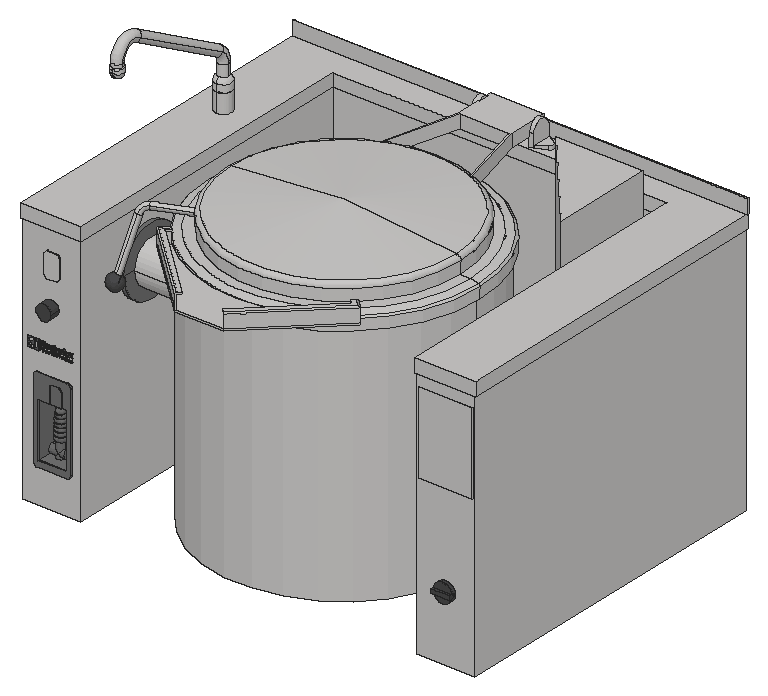
Revit family "QF_ELECTROLUXPROFESSIONAL_586942_PBOT10GLCS", category Specialty Equipment, Revit 2018
Family settings
  Round Connector Dimension = Use Radius
  Part Type = Normal
  Work Plane-Based = No
  Always vertical = Yes
  Cut with Voids When Loaded = No
  Shared = Yes
  Room Calculation Point = No
Parameters (values of type "Standard")
  Weight = 230.00 kg
  Watts = 0 W
  Volts = 230 V
  URL Manufacturer = "http://professional.electrolux.com"
  URL = "http://professional.electrolux.com"
  Tilt Clearance [instance] = 1124 mm
  Steam Supply Size = 0"
  Steam Supply Minimum Pressure = 0.00 psi
  Steam Supply Maximum Pressure = 0.00 psi
  Steam Pounds per Hour = 0
  Show Logo [instance] = yes
  Refrigeration Suction Line Size = 0"
  Refrigeration Liquid Line Size = 0"
  Refrigerant Compressor Remote = yes
  Plinth Base Finish [instance] = QF_Finishes_Concrete
  Plinth Base [instance] = not(Base Height = 500 mm)  # yes
  Phase = 1
  Length Actual = 1200 mm  # constant formula
  Item Number = "586942"
  Hot Water Size = 1/2"
  Height Actual = 700 mm  # constant formula
  HP = "0.3 HP"
  Gas Size = 1"
  Gas KW = 21
  Gas Input Pressure = 0.760796 Btu/h
  Direct Waste Size = 0"
  Depth Actual = 900 mm  # constant formula
  Cycle = 50 Hz
  Condensate Return Size = 0"
  Compressed Air Volume = 0 GPM
  Compressed Air Size = 0"
  Compressed Air Pressure = 0.00 psi
  Cold Water Size = 1/2"
  Assembly Code = ""
  Open Clearance [instance] = 856 mm  # constant formula
  Model = "PBOT10GLCS"
  Manufacturer = "Electrolux Professional"
  Description = "GAS BOILING PAN,TILTING,AUTO H/C WATER FILL INLET,SPRAY GUN, 100L,H700,BS,FS,D900,REAR CLS KIT,GUID.COOK.S"
  Bracket [instance] = Base Height = 500 mm  # no
  Body Finish [instance] = QF_Finishes_Stainless Steel
  Base Height = 200 mm
  Show Clearance [instance] = yes
  Accessory = yes
Reference planes
  plane 1 "BACK": y = 100
  plane 2: z = 0
  plane 3 "LEFT": x = 0
  plane 4 "RIGHT": x = 1200
  plane 5 "FRONT": y = -800
  plane 6 "TOP": z = 900
  plane 7: z = 200
  plane 8 "Center": x = 600
  plane 9: z = 1756
  plane 10: y = -960
  plane 11 "Vessel X axis": y = -483
  plane 12: x = 280
  plane 13: y = -580
  plane 14: x = 280
  plane 15: through (0, 114.006, 947.95) normal (0, 0.281, -0.9597)
  plane 16: z = 505
  plane 17 "Top Level": z = 981
  plane 18: y = -1024
  plane 19: z = 981.311
  plane 20: z = 227.005
Forms (mm)
  Extrusion 1, solid, material "QF_Finishes_Stainless Steel" <- "Body Finish"
    sketch origin (0, 0, 900) x (-1, 0, 0) y (0, -1, 0)
      loop
        line (0, -100) -> (0, 800) -> (-160, 800) -> (-160, -31.55) -> (-1040, -31.55) -> (-1040, 800) -> (-1200, 800) -> (-1200, -100) -> (0, -100)
    from -35 to 0
  Extrusion 2, solid, material "QF_Finishes_Stainless Steel" <- "Body Finish"
    sketch origin (0, 0, 900) x (-1, 0, 0) y (0, -1, 0)
      loop
        line (-535, 960) -> (-665, 960) -> (-868.236, 765.434) -> (-847.007, 744.205)
        arc (-847.007, 744.205) -> (-600, 842.5) -> (-352.993, 744.205) r 359.5
        line (-352.993, 744.205) -> (-331.764, 765.434) -> (-535, 960)
    from 1.223 to 5.898
  Revolve 3, solid, material "QF_Finishes_Stainless Steel" <- "Body Finish"
    sketch origin (0, 50.89, 727.5) x (-1, 0, 0) y (0, -1, 0)
      loop
        line (-170, 573.89) -> (-170, 540.89) -> (-157, 540.89) -> (-157, 630.89) -> (-1043, 630.89) -> (-1043, 540.89) -> (-1030, 540.89) -> (-1030, 573.89) -> (-170, 573.89)
      axis (-1043, 630.89) -> (-157, 630.89)
    angle from 0 to 360
  Extrusion 4, solid, material "QF_Finishes_Stainless Steel" <- "Body Finish"
    sketch origin (0, 100, 0) x (1, 0, 0) y (0, 0, 1)
      loop
        circle (1120, 450) r 10
    from 3 to 0
  Extrusion 5, solid, material "QF_Finishes_Stainless Steel" <- "Body Finish"
    sketch origin (600, 0, 0) x (0, 1, 0) y (0, 0, 1)
      loop
        line (89, 900) -> (89, 935.1)
        arc (89, 935.1) -> (65, 959.1) -> (41, 935.1) r 24
        line (41, 935.1) -> (41, 900) -> (89, 900)
    from 69.2 to 82.1
  Revolve 6, solid, material "QF_Finishes_Stainless Steel" <- "Body Finish"
    sketch origin (0, -483, 0) x (-1, 0, 0) y (0, 0, 1)
      loop
        line (-600, 981) -> (-600, 912.336) -> (-291.999, 912.336) -> (-291.999, 943.013)
        arc (-291.999, 943.013) -> (-295.325, 951.663) -> (-303.589, 955.857) r 12.912
        arc (-303.589, 955.857) -> (-451.457, 972.404) -> (-600, 981) r 2774.321
      axis (-600, 981) -> (-600, 912.336)
    angle from 0 to 360
  Sweep 7, solid, material "QF_Finishes_Stainless Steel" <- "Body Finish"
    path in 3D
      loop
        line (665, -960, 905.898) -> (868.236, -765.434, 905.898) -> (847.007, -744.205, 905.898)
    profile origin (766.618, -862.717, 905.898) x (-0.691532, 0.722346, 0) y (0, 0, 1)
      loop
        line (0, 0) -> (2.5, 0) -> (2.5, 35.781)
        arc (2.5, 35.781) -> (3.003, 36.997) -> (4.219, 37.5) r 1.719
        line (4.219, 37.5) -> (15.312, 37.5) -> (15.312, 40) -> (4.052, 40)
        arc (4.052, 40) -> (1.187, 38.813) -> (0, 35.948) r 4.052
        line (0, 35.948) -> (0, 0)
  Extrusion 8, solid, material "QF_Finishes_Stainless Steel" <- "Body Finish"
    sketch origin (0, 100, 0) x (1, 0, 0) y (0, 0, 1)
      loop
        line (157, 865) -> (157, 500) -> (1043, 500) -> (1043, 865) -> (157, 865)
    from 3 to 65.418
  Extrusion 9, solid, material "QF_Finishes_Stainless Steel" <- "Body Finish"
    sketch origin (600, 0, 0) x (0, 1, 0) y (0, 0, 1)
      loop
        line (89, 900) -> (89, 935.1)
        arc (89, 935.1) -> (65, 959.1) -> (41, 935.1) r 24
        line (41, 935.1) -> (41, 900) -> (89, 900)
    from -82.1 to -69.2
  Extrusion 10, solid, material "QF_Finishes_Stainless Steel" <- "Body Finish"
    sketch origin (600, -4572, 981) x (0, -1, 0) y (-1, 0, 0)
      loop
        line (-4551, 64.871) -> (-4315.558, 127.227) -> (-4309.255, 132.754) -> (-4555.565, 69.2) -> (-4661, 69.2) -> (-4661, -69.2) -> (-4555.565, -69.2) -> (-4309.255, -132.754) -> (-4315.558, -127.227) -> (-4551, -64.871) -> (-4551, 64.871)
    from 25.143 to 59.002
  Sweep 11, solid, material "QF_Finishes_Stainless Steel" <- "Body Finish"
    path in 3D
      loop
        line (352.993, -744.205, 905.898) -> (331.764, -765.434, 905.898) -> (535, -960, 905.898)
    profile origin (433.382, -862.717, 905.898) x (0.691532, 0.722346, 0) y (0, 0, 1)
      loop
        line (0, 0) -> (2.5, 0) -> (2.5, 35.781)
        arc (2.5, 35.781) -> (3.003, 36.997) -> (4.219, 37.5) r 1.719
        line (4.219, 37.5) -> (15.312, 37.5) -> (15.312, 40) -> (4.052, 40)
        arc (4.052, 40) -> (1.187, 38.813) -> (0, 35.948) r 4.052
        line (0, 35.948) -> (0, 0)
  Extrusion 12, solid, material "QF_Finishes_Stainless Steel" <- "Body Finish"
    sketch origin (0, 0, 900) x (-1, 0, 0) y (0, -1, 0)
      loop
        arc (-708.472, -55.346) -> (-714.2, -65) -> (-708.472, -74.654) r 11
        line (-708.472, -74.654) -> (-682.1, -89.055) -> (-682.1, -40.945) -> (-708.472, -55.346)
      loop
        line (-491.528, -55.346) -> (-517.9, -40.945) -> (-517.9, -89.055) -> (-491.528, -74.654)
        arc (-491.528, -74.654) -> (-485.8, -65) -> (-491.528, -55.346) r 11
    from 0 to 8
  Revolve 13, solid, material "QF_Finishes_Stainless Steel" <- "Body Finish"
    sketch origin (0, -483, 0) x (-1, 0, 0) y (0, 0, 1)
      loop
        line (-600, 910.898) -> (-600, 227.005) -> (-250.45, 227.005) -> (-250.45, 870.866) -> (-240.5, 870.866) -> (-240.5, 899.23) -> (-244.882, 905.093) -> (-265.728, 910.898) -> (-600, 910.898)
      axis (-600, 910.898) -> (-600, 227.005)
    angle from 0 to 360
  Extrusion 14, solid, material "QF_Finishes_Stainless Steel" <- "Body Finish"
    sketch origin (1100, -797, 0) x (-1, 0, 0) y (0, 0, -1)
      loop
        line (50, -833.989) -> (50, -618.989) -> (-91.535, -618.989) -> (-91.535, -833.989) -> (50, -833.989)
      loop
        line (1029.661, -812.084) -> (1036.975, -804.77) -> (1036.975, -754.399) -> (1029.661, -747.084) -> (1004.29, -747.084) -> (996.975, -754.399) -> (996.975, -804.77) -> (1004.29, -812.084) -> (1029.661, -812.084)
    from 0 to 3
  Extrusion 15, solid, material "QF_Finishes_Black"
    sketch origin (1200, -797, -30) x (-1, 0, 0) y (0, 0, -1)
      loop
        circle (80.286, -405.28) r 25
    from 0 to 10.306
  Extrusion 16, solid, material "QF_Finishes_Black"
    sketch origin (1200, -797, -30) x (-1, 0, 0) y (0, 0, -1)
      loop
        arc (104.667, -410.806) -> (105.286, -405.28) -> (104.667, -399.753) r 25
        line (104.667, -399.753) -> (55.904, -399.753)
        arc (55.904, -399.753) -> (55.286, -405.28) -> (55.904, -410.806) r 25
        line (55.904, -410.806) -> (104.667, -410.806)
    from 0 to 18.276
  Extrusion 17, solid, material "QF_Finishes_Black"
    sketch origin (160, -797, 0) x (-1, 0, 0) y (0, 0, -1)
      loop
        circle (80.781, -678.5) r 20
    from 0 to 25
  Extrusion 18, solid, material "QF_Finishes_Stainless Steel" <- "Body Finish", visible <- "Bracket"
    sketch origin (0, 37, -14) x (0, 1, 0) y (0, 0, 1)
      loop
        line (60, 514) -> (-140, 514) -> (-140, 400) -> (-76.36, 336.36) -> (60, 336.36) -> (60, 514)
    from 25.741 to 134.773
  Extrusion 19, solid, material "QF_Finishes_Stainless Steel" <- "Body Finish", visible <- "Bracket"
    sketch origin (1200, 0, 0) x (0, 1, 0) y (0, 0, 1)
      loop
        line (97, 322.36) -> (97, 500) -> (-103, 500) -> (-103, 386) -> (-39.36, 322.36) -> (97, 322.36)
    from -133.886 to -23.363
  Extrusion 20, solid, material "QF_Finishes_Stainless Steel" <- "Body Finish"
    sketch origin (0, 100, 0) x (1, 0, 0) y (0, 0, 1)
      loop
        circle (50, 395) r 6.35
      loop
        circle (110.571, 395) r 6.35
      loop
        circle (80.257, 345) r 12.7
    from 3 to 0
  Revolve 21, solid, material "QF_Finishes_Clearance", visible <- "Show Clearance", detail levels coarse
    sketch origin (600, 10.879, 0.726) x (0, 0.999996, 0.002845) y (0, -0.002845, 0.999996)
      loop
        line (-104.3, 1490.183) -> (-181.256, 1755.797) -> (-205.268, 1748.84) -> (-128.312, 1483.226) -> (-104.3, 1490.183)
      axis (-104.3, 1490.183) -> (-128.312, 1483.226)
    angle from 0 to 360
  Extrusion 22, solid, material "QF_Finishes_Stainless Steel" <- "Body Finish"
    sketch origin (0, -602.697, 0) x (1, 0, 0) y (0, 1, 0)
      loop
        line (1016.007, 584.463) -> (786.007, 584.463) -> (1016.007, 314.463) -> (1016.007, 584.463)
    from 378.064 to 989.164
  Extrusion 23, solid, material "QF_Finishes_Stainless Steel" <- "Body Finish"
    sketch origin (-69.539, -630.792, 0) x (1, 0, 0) y (0, 1, 0)
      loop
        line (1059.01, 373.71) -> (884.088, 579.053) -> (767.131, 467.501)
        arc (767.131, 467.501) -> (888.172, 400.65) -> (971.802, 290.532) r 334.272
        line (971.802, 290.532) -> (1059.01, 373.71)
    from 383.064 to 403.064
  Extrusion 24, solid, material "QF_Finishes_Stainless Steel" <- "Body Finish"
    sketch origin (0, 0, 0) x (1, 0, 0) y (0, 1, 0)
      loop
        line (157, 97) -> (3, 97) -> (3, -797) -> (157, -797) -> (157, 97)
      loop
        line (1197, 97) -> (1043, 97) -> (1043, -797) -> (1197, -797) -> (1197, 97)
    from 200 to 865
  Extrusion 25, solid, material "Navy Blue", visible <- "Show Logo"
    sketch origin (160, -797, 0) x (-1, 0, 0) y (0, 0, -1)
      loop
        line (101.332, -593.18) -> (109.793, -593.18) -> (109.793, -583.327)
        arc (109.793, -583.327) -> (108.679, -580.639) -> (105.991, -579.525) r 3.802
        line (105.991, -579.525) -> (101.168, -579.525) -> (101.168, -581.736) -> (105.441, -581.736)
        arc (105.441, -581.736) -> (106.845, -582.21) -> (107.442, -583.566) r 1.838
        line (107.442, -583.566) -> (107.442, -585.52) -> (101.698, -585.52) -> (101.698, -587.738) -> (107.442, -587.738) -> (107.442, -590.968) -> (101.332, -590.968) -> (101.332, -593.18)
      loop
        line (99.498, -593.18) -> (99.498, -579.525) -> (97.146, -579.525) -> (97.146, -593.18) -> (99.498, -593.18)
      loop
        line (48.417, -593.18) -> (48.417, -579.525) -> (46.064, -579.525) -> (46.064, -593.18) -> (48.417, -593.18)
      loop
        line (93.257, -583.886) -> (85.539, -583.886)
        arc (85.539, -583.886) -> (86.746, -588.126) -> (90.874, -589.672) r 4.89
        arc (90.874, -589.672) -> (94.51, -587.828) -> (95.548, -583.886) r 4.976
        arc (95.548, -583.886) -> (94.182, -580.589) -> (90.886, -579.224) r 4.662
        arc (90.886, -579.224) -> (88.32, -579.602) -> (86.169, -581.05) r 5.86
        line (86.169, -581.05) -> (87.562, -582.444)
        arc (87.562, -582.444) -> (89.391, -581.347) -> (91.516, -581.531) r 3.458
        arc (91.516, -581.531) -> (92.812, -582.394) -> (93.257, -583.886) r 2.29
      loop
        line (93.198, -585.539) -> (87.902, -585.539)
        arc (87.902, -585.539) -> (88.645, -587.103) -> (90.278, -587.679) r 2.256
        arc (90.278, -587.679) -> (92.162, -587.188) -> (93.198, -585.539) r 2.64
      loop
        line (76.371, -586.524) -> (74.894, -588)
        arc (74.894, -588) -> (76.746, -589.341) -> (78.997, -589.742) r 5.117
        arc (78.997, -589.742) -> (82.429, -588.487) -> (84.231, -585.308) r 5.293
        arc (84.231, -585.308) -> (81.194, -579.733) -> (74.977, -581.018) r 5.33
        line (74.977, -581.018) -> (76.446, -582.487)
        arc (76.446, -582.487) -> (79.616, -581.438) -> (81.887, -583.886) r 3.088
        arc (81.887, -583.886) -> (81.729, -585.821) -> (80.396, -587.234) r 2.933
        arc (80.396, -587.234) -> (78.264, -587.559) -> (76.371, -586.524) r 3.369
      loop
        line (73.45, -593.18) -> (73.45, -583.849)
        arc (73.45, -583.849) -> (73.246, -582.449) -> (72.722, -581.135) r 6.031
        arc (72.722, -581.135) -> (71.044, -579.8) -> (68.918, -579.519) r 4.018
        line (68.918, -579.519) -> (68.918, -581.723)
        arc (68.918, -581.723) -> (69.55, -581.771) -> (70.139, -582.005) r 2.118
        arc (70.139, -582.005) -> (70.895, -582.804) -> (71.098, -583.886) r 1.949
        line (71.098, -583.886) -> (71.098, -587.265) -> (68.962, -587.265) -> (68.962, -589.401) -> (71.098, -589.401) -> (71.098, -593.18) -> (73.45, -593.18)
      loop
        arc (64.65, -584.717) -> (64.482, -585.701) -> (63.997, -586.574) r 2.967
        arc (63.997, -586.574) -> (62.588, -587.297) -> (61.004, -587.265) r 3.231
        line (61.004, -587.265) -> (61.004, -589.525)
        arc (61.004, -589.525) -> (63.073, -589.33) -> (64.65, -587.977) r 3.432
        line (64.65, -587.977) -> (64.65, -589.401) -> (66.983, -589.401) -> (66.983, -579.525) -> (64.65, -579.525) -> (64.65, -584.717)
      loop
        circle (55.254, -584.461) r 5.233
      loop
        circle (55.254, -584.461) r 3.172
      loop
        arc (37.582, -583.638) -> (38.162, -582.041) -> (39.738, -581.405) r 2.088
        arc (39.738, -581.405) -> (41.313, -582.041) -> (41.894, -583.638) r 2.088
        line (41.894, -583.638) -> (41.894, -589.401) -> (44.266, -589.401) -> (44.266, -583.442)
        arc (44.266, -583.442) -> (42.916, -580.365) -> (39.738, -579.275) r 4.181
        arc (39.738, -579.275) -> (36.524, -580.398) -> (35.211, -583.539) r 4.181
        line (35.211, -583.539) -> (35.211, -589.401) -> (37.582, -589.401) -> (37.582, -583.638)
      loop
        line (33.789, -589.401) -> (30.374, -584.764) -> (34.126, -579.522) -> (31.598, -579.522) -> (29.107, -583.001) -> (26.58, -579.522) -> (24.068, -579.522) -> (27.767, -584.817) -> (24.385, -589.401) -> (26.952, -589.401) -> (29.115, -586.469) -> (31.245, -589.401) -> (33.789, -589.401)
      loop
        line (108.47, -573.865) -> (110.346, -573.865) -> (110.346, -569.143) -> (109.319, -569.143) -> (109.319, -570.769) -> (108.185, -570.769)
        arc (108.185, -570.769) -> (106.916, -572.447) -> (108.47, -573.865) r 1.561
      loop
        arc (108.23, -571.697) -> (107.841, -572.304) -> (108.23, -572.911) r 0.668
        line (108.23, -572.911) -> (109.319, -572.911) -> (109.319, -571.697) -> (108.23, -571.697)
      loop
        line (101.061, -573.865) -> (102.968, -573.865) -> (102.968, -569.143) -> (101.942, -569.143) -> (101.942, -570.769) -> (100.949, -570.769) -> (100.27, -569.143) -> (99.168, -569.143) -> (100.097, -571.134)
        arc (100.097, -571.134) -> (99.652, -571.665) -> (99.502, -572.343) r 1.458
        arc (99.502, -572.343) -> (99.971, -573.421) -> (101.061, -573.865) r 1.559
      loop
        line (101.942, -572.911) -> (101.942, -571.697) -> (100.852, -571.697)
        arc (100.852, -571.697) -> (100.464, -572.304) -> (100.852, -572.911) r 0.668
        line (100.852, -572.911) -> (101.942, -572.911)
      loop
        circle (93.139, -571.504) r 2.453
      loop
        circle (93.139, -571.504) r 1.557
      loop
        line (86.655, -573.865) -> (86.655, -569.143) -> (85.654, -569.143) -> (85.654, -570.793) -> (83.876, -570.793) -> (83.876, -571.851) -> (85.654, -571.851) -> (85.654, -572.847) -> (83.706, -572.847) -> (83.706, -573.865) -> (86.655, -573.865)
      loop
        line (79.724, -573.865) -> (79.724, -570.677)
        arc (79.724, -570.677) -> (79.288, -569.596) -> (78.213, -569.146) r 1.51
        line (78.213, -569.146) -> (76.689, -569.146) -> (76.689, -570.038) -> (78.122, -570.038)
        arc (78.122, -570.038) -> (78.65, -570.475) -> (78.753, -571.151) r 0.961
        line (78.753, -571.151) -> (76.866, -571.151) -> (76.866, -572.043) -> (78.753, -572.043) -> (78.753, -572.973) -> (76.735, -572.973) -> (76.735, -573.865) -> (79.724, -573.865)
      loop
        arc (62.624, -573.267) -> (63.249, -573.78) -> (64.041, -573.943) r 1.69
        arc (64.041, -573.943) -> (64.773, -573.764) -> (65.374, -573.31) r 1.872
        arc (65.374, -573.31) -> (65.486, -572.238) -> (64.794, -571.411) r 1.385
        arc (64.794, -571.411) -> (64.212, -571.217) -> (63.66, -570.95) r 4.78
        arc (63.66, -570.95) -> (63.312, -570.539) -> (63.552, -570.057) r 0.489
        arc (63.552, -570.057) -> (63.998, -569.952) -> (64.442, -570.065) r 0.963
        arc (64.442, -570.065) -> (64.826, -570.341) -> (65.061, -570.752) r 1.118
        line (65.061, -570.752) -> (65.887, -570.367)
        arc (65.887, -570.367) -> (65.589, -569.793) -> (65.11, -569.36) r 1.815
        arc (65.11, -569.36) -> (64.566, -569.127) -> (63.978, -569.068) r 1.957
        arc (63.978, -569.068) -> (63.25, -569.213) -> (62.595, -569.561) r 2.556
        arc (62.595, -569.561) -> (62.305, -570.331) -> (62.455, -571.139) r 1.535
        arc (62.455, -571.139) -> (62.778, -571.512) -> (63.19, -571.781) r 1.779
        arc (63.19, -571.781) -> (63.712, -572.014) -> (64.248, -572.215) r 9.371
        arc (64.248, -572.215) -> (64.557, -572.696) -> (64.11, -573.053) r 0.427
        arc (64.11, -573.053) -> (63.575, -572.924) -> (63.163, -572.558) r 1.135
        line (63.163, -572.558) -> (62.624, -573.267)
      loop
        line (58.291, -573.865) -> (58.291, -569.146) -> (57.321, -569.146) -> (57.321, -573.865) -> (58.291, -573.865)
      loop
        circle (50.779, -571.506) r 1.468
      loop
        circle (50.779, -571.506) r 2.451
      loop
        line (44.27, -569.146) -> (43.289, -569.146) -> (43.289, -572.113) -> (41.131, -569.146) -> (40.187, -569.146) -> (40.187, -573.865) -> (41.168, -573.865) -> (41.168, -570.808) -> (43.326, -573.865) -> (44.27, -573.865) -> (44.27, -569.146)
      loop
        line (35.295, -569.146) -> (34.836, -570.164) -> (33.09, -570.164) -> (32.631, -569.146) -> (31.588, -569.146) -> (33.581, -573.865) -> (34.491, -573.865) -> (36.337, -569.146) -> (35.295, -569.146)
      loop
        line (33.526, -571.132) -> (33.993, -572.169) -> (34.447, -571.132) -> (33.526, -571.132)
      loop
        line (26.769, -570.038) -> (26.769, -573.865) -> (27.739, -573.865) -> (27.739, -569.146) -> (24.954, -569.146) -> (24.954, -570.038) -> (26.769, -570.038)
      loop
        arc (69.698, -573.267) -> (70.324, -573.78) -> (71.116, -573.943) r 1.69
        arc (71.116, -573.943) -> (71.847, -573.764) -> (72.449, -573.31) r 1.872
        arc (72.449, -573.31) -> (72.56, -572.238) -> (71.868, -571.411) r 1.385
        arc (71.868, -571.411) -> (71.287, -571.217) -> (70.735, -570.95) r 4.78
        arc (70.735, -570.95) -> (70.386, -570.539) -> (70.627, -570.057) r 0.489
        arc (70.627, -570.057) -> (71.073, -569.952) -> (71.517, -570.065) r 0.963
        arc (71.517, -570.065) -> (71.901, -570.341) -> (72.136, -570.752) r 1.118
        line (72.136, -570.752) -> (72.961, -570.367)
        arc (72.961, -570.367) -> (72.664, -569.793) -> (72.184, -569.36) r 1.815
        arc (72.184, -569.36) -> (71.64, -569.127) -> (71.052, -569.068) r 1.957
        arc (71.052, -569.068) -> (70.325, -569.213) -> (69.669, -569.561) r 2.556
        arc (69.669, -569.561) -> (69.38, -570.331) -> (69.529, -571.139) r 1.535
        arc (69.529, -571.139) -> (69.852, -571.512) -> (70.265, -571.781) r 1.779
        arc (70.265, -571.781) -> (70.787, -572.014) -> (71.322, -572.215) r 9.371
        arc (71.322, -572.215) -> (71.632, -572.696) -> (71.185, -573.053) r 0.427
        arc (71.185, -573.053) -> (70.649, -572.924) -> (70.238, -572.558) r 1.135
        line (70.238, -572.558) -> (69.698, -573.267)
      loop
        line (124.467, -593.367) -> (124.467, -568.534)
        arc (124.467, -568.534) -> (115.287, -580.95) -> (124.467, -593.367) r 12.987
      loop
        arc (125.423, -593.446) -> (135.891, -591.227) -> (141.022, -581.837) r 12.809
        line (141.022, -581.837) -> (135.422, -581.837)
        arc (135.422, -581.837) -> (128.84, -585.012) -> (125.423, -591.472) r 11.707
        line (125.423, -591.472) -> (125.423, -593.446)
      loop
        arc (125.73, -570.332) -> (129.585, -577.251) -> (136.925, -580.23) r 11.93
        line (136.925, -580.23) -> (141.033, -580.23)
        arc (141.033, -580.23) -> (136.066, -570.804) -> (125.73, -568.215) r 13.06
        line (125.73, -568.215) -> (125.73, -570.332)
      loop
        line (141.976, -594.722) -> (141.976, -567.122) -> (114.339, -567.122) -> (114.339, -594.722) -> (141.976, -594.722)
    from 0 to 0.697
  Extrusion 26, void
    sketch origin (0, -800, 0) x (1, 0, 0) y (0, 0, 1)
      loop
        line (125.4, 500.944) -> (43.4, 500.944) -> (43.4, 305.944) -> (125.4, 305.944) -> (125.4, 500.944)
    from 0 to -63
  Extrusion 27, solid, material "QF_Finishes_Stainless Steel"
    sketch origin (600, 0, 0) x (0, 1, 0) y (0, 0, 1)
      loop
        line (98, 937.998) -> (98, 900) -> (100, 900) -> (100, 937.998) -> (98, 937.998)
    from 600 to -600
Cuts and joins
  joined: Revolve 6, Extrusion 10
  Extrusion 26 cuts Extrusion 24
Lines and regions (mm)
  Split face 1
    outline origin (1100, -800, 0) x (-1, 0, 0) y (0, 0, -1)
      loop
        line (44.321, -826.533) -> (44.321, -691.533) -> (-84.715, -691.533) -> (-84.715, -826.533) -> (44.321, -826.533)
  Split face 2
    outline origin (1100, -800, 0) x (-1, 0, 0) y (0, 0, -1)
      loop
        line (44.321, -691.533) -> (44.321, -625.535) -> (-84.715, -625.535) -> (-84.715, -691.533) -> (44.321, -691.533)
  Split face 3
    outline origin (1100, -800, 0) x (-1, 0, 0) y (0, 0, -1)
      loop
        line (35.153, -818.972) -> (35.153, -698.972) -> (-73.882, -698.972) -> (-73.882, -818.972) -> (35.153, -818.972)
  Split face 4
    outline origin (1100, -800, 0) x (-1, 0, 0) y (0, 0, -1)
      loop
        line (1029.036, -812.084) -> (1036.35, -804.77) -> (1036.35, -754.399) -> (1029.036, -747.084) -> (1029.036, -812.084)
  Split face 5
    outline origin (-933.951, -800, 0) x (1, 0, 0) y (0, 0, 1)
      loop
        line (1029.036, 812.084) -> (1029.036, 747.084) -> (1036.35, 754.399) -> (1036.35, 804.77) -> (1029.036, 812.084)
  Split face 6
    outline origin (0, -602.697, 989.164) x (1, 0, 0) y (0, 1, 0)
      loop
        line (1006.007, 574.463) -> (808.007, 574.463) -> (1006.007, 342.463) -> (1006.007, 574.463)
  sketch lines
    curve 1: line (665, -960, 905.898) -> (868.236, -765.434, 905.898)
    curve 2: line (868.236, -765.434, 905.898) -> (847.007, -744.205, 905.898)
    curve 3: line (331.764, -765.434, 905.898) -> (535, -960, 905.898)
    curve 4: line (352.993, -744.205, 905.898) -> (331.764, -765.434, 905.898)
  symbolic lines
    curve 5: line (170, -490, 0) -> (160, -490, 0)
    curve 6: line (170, -490, 0) -> (170, -670, 0)
    curve 7: line (170, -670, 0) -> (160, -670, 0)
    curve 8: line (1030, -490, 0) -> (1040, -490, 0)
    curve 9: line (1030, -490, 0) -> (1030, -670, 0)
    curve 10: line (1030, -670, 0) -> (1040, -670, 0)
    curve 11: line (1030, -523.539, 0) -> (957.207, -523.539, 0)
    curve 12: line (1030, -636.461, 0) -> (925.1, -636.461, 0)
    curve 13: line (170, -523.539, 0) -> (242.793, -523.539, 0)
    curve 14: line (170, -636.461, 0) -> (274.9, -636.461, 0)
    curve 15: line (160, -800, 0) -> (160, 31.55, 0)
    curve 16: line (0, -800, 0) -> (160, -800, 0)
    curve 17: line (0, 100, 0) -> (0, -800, 0)
    curve 18: line (160, 31.55, 0) -> (530.8, 31.55, 0)
    curve 19: line (1200, 100, 0) -> (0, 100, 0)
    curve 20: line (1040, 31.55, 0) -> (1040, -800, 0)
    curve 21: line (1200, -800, 0) -> (1200, 100, 0)
    curve 22: line (1040, -800, 0) -> (1200, -800, 0)
    curve 23: circle (600, -483, 0) r 359.5 normal (0, 0, 1)
    curve 24: line (669.2, 31.55, 0) -> (1040, 31.55, 0)
    curve 25: line (545.589, -948.939, 0) -> (353.658, -765.195, 0)
    curve 26: line (353.658, -765.195, 0) -> (364.355, -754.499, 0)
    curve 27: line (535, -960, 0) -> (545.589, -948.939, 0)
    curve 28: line (665, -960, 0) -> (654.411, -948.939, 0)
    curve 29: line (846.342, -765.195, 0) -> (654.411, -948.939, 0)
    curve 30: line (835.645, -754.499, 0) -> (846.342, -765.195, 0)
    curve 32: line (1016.007, -18.234, 0) -> (786.007, -18.234, 0)
    curve 33: line (1016.007, -288.233, 0) -> (1016.007, -18.234, 0)
    curve 34: line (786.007, -18.234, 0) -> (1016.007, -288.233, 0)
    curve 35: line (1006.007, -28.234, 0) -> (808.007, -28.234, 0)
    curve 36: line (808.007, -28.234, 0) -> (1006.007, -260.233, 0)
    curve 37: line (1006.007, -260.233, 0) -> (1006.007, -28.234, 0)
    curve 45: line (921.425, -321.984, 0) -> (989.471, -257.082, 0)
    curve 46: line (814.549, -51.739, 0) -> (718.315, -143.527, 0)
    curve 47: line (0, 98, 0) -> (1200, 98, 0)
  model lines, style "QF-Clearances", visible <- "Show Clearance", detail levels coarse
    curve 31: arc (600, -960, 954.089) -> (600, -1008.605, 614.371) -> (600, -800, 341.874) r 443
  symbolic lines, style "QF-Clearances", visible <- "Show Clearance", detail levels coarse
    curve 38: line (850, -450, 0) -> (850, -1650, 0)
    curve 39: line (350, -450, 0) -> (350, -1650, 0)
    curve 40: line (850, -1650, 0) -> (350, -1650, 0)
    curve 41: line (850, -450, 0) -> (350, -450, 0)
    curve 42: line (850, -1120.158, 0) -> (650, -1650, 0)
    curve 43: circle (600, -1600, 0) r 25 normal (0, 0, 1)
    curve 44: line (350, -1120.158, 0) -> (550, -1650, 0)
Dimensions and locks
  plane 3 "LEFT" to plane 4 "RIGHT" = 1200 mm
  plane 4 "RIGHT" to plane 3 "LEFT" = 1200 mm
  plane 1 "BACK" to plane 5 "FRONT" = 900 mm
  plane 5 "FRONT" to plane 1 "BACK" = 900 mm
  "Base Height": plane 7 to level
  equal spacing: plane 3 "LEFT", plane 8 "Center", plane 4 "RIGHT"
  "Open Clearance": plane 9 to plane 6 "TOP"
  locked: Extrusion 8 sketch curve to Extrusion 8 sketch curve at 365
  plane 4 "RIGHT" to Extrusion 4 sketch curve = 80 mm
  locked: Extrusion 2 sketch curve to Extrusion 2 sketch curve at 30.022  (x2)
  equal spacing: Extrusion 10 sketch curve, plane 8 "Center", Extrusion 10 sketch curve
  locked: Extrusion 10 sketch curve to Extrusion 10 sketch curve at 138.4
  Extrusion 10 sketch curve to Extrusion 10 sketch curve to plane 1 "BACK" = 110 mm locked, 11 mm locked
  plane 11 "Vessel X axis" to Revolve 3 sketch curve = 97 mm
  Revolve 3 sketch curve to Revolve 3 sketch curve to Revolve 3 sketch curve to Revolve 3 sketch curve = 33 mm locked, 57 mm locked, 0 mm locked
  plane 11 "Vessel X axis" to plane 13 = 97 mm
  equal spacing: curve 5, plane 13, curve 7
  locked: curve 5 to curve 7 at 180
  equal spacing: curve 11, plane 13, curve 12
  locked: curve 11 to curve 12 at 112.922
  plane 14 to plane 8 "Center" = 320 mm
  Revolve 13 sketch curve to Revolve 13 sketch curve to Revolve 13 sketch curve to Revolve 13 sketch curve to plane 14 = 4.382 mm locked, 5.568 mm locked, 15.278 mm locked, 14.272 mm locked
  plane 12 to plane 8 "Center" = 320 mm
  Revolve 6 sketch curve to Revolve 6 sketch curve to plane 12 = 11.59 mm locked, 11.999 mm locked
  Extrusion 16 sketch curve to Extrusion 16 sketch curve = 11.053 mm
  Extrusion 19 sketch curve to Extrusion 19 sketch curve to Extrusion 19 sketch curve = 114 mm locked, 63.64 mm locked
  plane 6 "TOP" to Extrusion 14 sketch curve to Extrusion 14 sketch curve = 66.011 mm locked, 215 mm locked
  plane 6 "TOP" to Extrusion 14 sketch curve to Extrusion 14 sketch curve to Extrusion 14 sketch curve to Extrusion 14 sketch curve = 87.916 mm locked, 7.315 mm locked, 50.371 mm, 7.315 mm locked
  plane 6 "TOP" to level = 900 mm
  locked: Extrusion 19 sketch curve to level at 322.36
  locked: Extrusion 15 sketch curve to level at 375.28
  locked: Extrusion 16 sketch curve to level at 369.753
  Extrusion 10 sketch curve to Extrusion 10 sketch curve to plane 11 "Vessel X axis" = 6.303 mm, 220.255 mm
  Extrusion 10 sketch curve to Extrusion 10 sketch curve to plane 11 "Vessel X axis" = 6.303 mm locked, 220.255 mm locked
  locked: Revolve 21 sketch curve to Revolve 21 sketch curve at 276.537
  locked: Extrusion 1 to Revolve 21 sketch curve at 23.726
  plane 11 "Vessel X axis" to plane 1 "BACK" = 583 mm
  plane 10 to plane 1 "BACK" = 1060 mm
  plane 17 "Top Level" to Revolve 6 sketch curve to Revolve 6 sketch curve to Revolve 6 sketch curve = 25.143 mm locked, 12.844 mm locked, 30.677 mm locked
  plane 17 "Top Level" to Revolve 13 sketch curve to Revolve 13 sketch curve to Revolve 13 sketch curve to Revolve 13 sketch curve = 70.102 mm locked, 5.805 mm locked, 5.863 mm locked, 28.364 mm locked
  plane 6 "TOP" to plane 16 = 395 mm
  plane 17 "Top Level" to nested 1 = 45.299 mm
  plane 17 "Top Level" to Extrusion 2 to Extrusion 2 = 75.102 mm locked, 4.675 mm locked
  plane 17 "Top Level" to plane 6 "TOP" = 81 mm
  locked: Extrusion 5 sketch curve to plane 17 "Top Level" at 45.9
  locked: Extrusion 9 sketch curve to plane 17 "Top Level" at 45.9
  plane 11 "Vessel X axis" to nested 1 = 320 mm
  "Tilt Clearance": plane 18 to plane 1 "BACK"
  locked: curve 31 to plane 17 "Top Level" at 26.911
  locked: Revolve 13 sketch curve to level at 227.005
  Extrusion 22 sketch curve to Extrusion 22 sketch curve to plane 4 "RIGHT" = 230 mm locked, 183.993 mm locked
  Extrusion 18 sketch curve to Extrusion 18 sketch curve to Extrusion 18 sketch curve to level = 114 mm locked, 63.64 mm locked, 322.36 mm locked
  locked: Extrusion 4 sketch curve to level at 450
  locked: curve 39 to curve 38 at 500
  equal spacing: curve 39, plane 8 "Center", curve 38
  locked: plane 1 "BACK" to curve 40 at 1750
  locked: plane 1 "BACK" to curve 41 at 550
  locked: Extrusion 23 sketch curve to curve 34 at 40.857
  locked: curve 34 to Extrusion 23 sketch curve at 43.945
  Extrusion 23 sketch curve to curve 33 to Extrusion 23 sketch curve = 114.799 mm locked, 154.522 mm locked
  curve 34 to curve 45 to curve 33 = 40.857 mm locked, 154.522 mm locked
  curve 34 to curve 46 to curve 33 = 43.945 mm locked, 114.799 mm locked
  angle plane 9 to Revolve 21 sketch curve = 16.3208°
  aligned and locked: level to plane 2
  aligned and locked: Extrusion 8 to Extrusion 1
  aligned and locked: plane 10 to Extrusion 2 sketch curve
  aligned and locked: plane 8 "Center" to Revolve 6 sketch curve  (x2)
  aligned and locked: Revolve 3 sketch curve to Revolve 3 sketch curve
  aligned and locked: Revolve 3 to Revolve 3  (x2)
  aligned and locked: curve 15 to Extrusion 1
  aligned and locked: curve 6 to Revolve 3
  aligned and locked: curve 20 to Extrusion 1
  aligned and locked: curve 9 to Revolve 3
  aligned and locked: curve 12 to curve 14
  aligned and locked: curve 11 to curve 13
  aligned and locked: curve 5 to curve 8
  aligned and locked: curve 7 to curve 10
  aligned and locked: curve 23 to Revolve 13
  aligned and locked: Extrusion 2 sketch curve to Revolve 13
  aligned and locked: curve 25 to Sweep 11
  aligned and locked: curve 26 to Sweep 11
  aligned and locked: curve 27 to Sweep 11
  aligned and locked: curve 28 to Sweep 7
  aligned and locked: curve 29 to Sweep 7
  aligned and locked: curve 30 to Sweep 7
  aligned and locked: plane 17 "Top Level" to Revolve 6 sketch curve
  aligned and locked: plane 5 "FRONT" to curve 31
  aligned and locked: plane 10 to curve 31
  aligned and locked: curve 34 to Extrusion 22
  aligned and locked: curve 32 to Extrusion 22
  aligned and locked: curve 33 to Extrusion 22
  aligned and locked: curve 37 to Split face 6
  aligned and locked: curve 35 to Split face 6
  aligned and locked: curve 36 to Split face 6
  aligned and locked: Extrusion 23 sketch curve to Revolve 13
  aligned and locked: Extrusion 22 to Extrusion 23 sketch curve
Automatic sketch dimensions
  curve 31 to plane 13 = 0 mm
  curve 31 to plane 6 "TOP" = 173.615 mm
  plane 8 "Center" to Extrusion 2 sketch curve = 65 mm
  Extrusion 2 sketch curve to plane 5 "FRONT" = 55.795 mm  (x2)
  Extrusion 2 sketch curve to plane 5 "FRONT" = 34.566 mm  (x2)
  Extrusion 2 sketch curve to plane 8 "Center" = 65 mm
  Extrusion 5 sketch curve to plane 6 "TOP" = 0 mm
  plane 1 "BACK" to Extrusion 5 sketch curve = 59 mm
  Extrusion 5 sketch curve to Extrusion 5 sketch curve = 24 mm
  Extrusion 9 sketch curve to plane 6 "TOP" = 0 mm
  plane 1 "BACK" to Extrusion 9 sketch curve = 59 mm
  Extrusion 9 sketch curve to Extrusion 9 sketch curve = 24 mm
  Extrusion 10 sketch curve to Extrusion 10 sketch curve = 4.565 mm  (x2)
  Extrusion 10 sketch curve to plane 8 "Center" = 127.227 mm
  Extrusion 10 sketch curve to Extrusion 10 sketch curve = 5.527 mm  (x2)
  Extrusion 10 sketch curve to Extrusion 10 sketch curve = 4.329 mm  (x2)
  plane 8 "Center" to Extrusion 10 sketch curve = 127.227 mm
  plane 1 "BACK" to Extrusion 12 sketch curve = 44.654 mm  (x2)
  plane 8 "Center" to Extrusion 12 sketch curve = 108.472 mm
  plane 1 "BACK" to Extrusion 12 sketch curve = 25.346 mm  (x2)
  Extrusion 12 sketch curve to Extrusion 12 sketch curve = 0 mm
  Extrusion 12 sketch curve to Extrusion 12 sketch curve = 5.272 mm  (x3)
  Extrusion 12 sketch curve to Extrusion 12 sketch curve = 26.372 mm
  plane 1 "BACK" to Extrusion 12 sketch curve = 10.945 mm  (x2)
  Extrusion 12 sketch curve to plane 8 "Center" = 82.1 mm
  Extrusion 12 sketch curve to Extrusion 12 sketch curve = 21.1 mm
  Extrusion 12 sketch curve to Extrusion 12 sketch curve = 14.4 mm  (x2)
  Revolve 13 sketch curve to plane 8 "Center" = 0 mm  (x2)
  Revolve 13 sketch curve to Revolve 13 sketch curve = 74.007 mm
  Revolve 13 sketch curve to Revolve 13 sketch curve = 35 mm
  Extrusion 15 sketch curve to plane 4 "RIGHT" = 80.286 mm
  Extrusion 16 sketch curve to Extrusion 16 sketch curve = 0 mm  (x3)
  Extrusion 16 sketch curve to plane 4 "RIGHT" = 55.904 mm
  Extrusion 16 sketch curve to Extrusion 16 sketch curve = 24.382 mm  (x2)
  plane 1 "BACK" to Extrusion 18 sketch curve = 203 mm
  Extrusion 18 sketch curve to Extrusion 18 sketch curve = 63.64 mm
  plane 1 "BACK" to Extrusion 18 sketch curve = 3 mm
  plane 1 "BACK" to Extrusion 19 sketch curve = 203 mm
  Extrusion 19 sketch curve to Extrusion 19 sketch curve = 63.64 mm
  plane 1 "BACK" to Extrusion 19 sketch curve = 3 mm
  plane 1 "BACK" to Extrusion 22 sketch curve = 388.233 mm
  Extrusion 22 sketch curve to Extrusion 22 sketch curve = 270 mm
  Split face 6 sketch curve to Extrusion 22 = 10 mm  (x2)
  Split face 6 sketch curve to Extrusion 22 = 208 mm
  Split face 6 sketch curve to Split face 6 sketch curve = 232 mm
  plane 1 "BACK" to curve 17 = 0 mm
  curve 17 to plane 3 "LEFT" = 0 mm
  plane 10 to curve 27 = 0 mm
  curve 43 to plane 8 "Center" = 0 mm
  plane 10 to curve 28 = 0 mm
  curve 21 to plane 4 "RIGHT" = 0 mm
  plane 5 "FRONT" to curve 21 = 0 mm
  plane 5 "FRONT" to curve 17 = 0 mm
  curve 44 to curve 43 = 50 mm
  plane 1 "BACK" to curve 15 = 68.45 mm
  curve 32 to curve 20 = 49.784 mm
  curve 18 to plane 8 "Center" = 69.2 mm
  curve 44 to plane 8 "Center" = 50 mm
  plane 8 "Center" to curve 42 = 50 mm
  plane 8 "Center" to curve 24 = 69.2 mm
  plane 18 to curve 42 = 96.158 mm
  plane 18 to curve 44 = 96.158 mm
  Extrusion 1 sketch curve to plane 4 "RIGHT" = 0 mm
  plane 5 "FRONT" to Extrusion 1 sketch curve = 0 mm  (x2)
  Extrusion 1 sketch curve to plane 3 "LEFT" = 0 mm
  plane 1 "BACK" to Extrusion 1 sketch curve = 0 mm
  Extrusion 1 sketch curve to plane 4 "RIGHT" = 160 mm
  plane 1 "BACK" to Extrusion 1 sketch curve = 68.45 mm
  plane 3 "LEFT" to Extrusion 1 sketch curve = 160 mm
  Revolve 3 sketch curve to plane 4 "RIGHT" = 157 mm
  Revolve 3 sketch curve to Revolve 3 sketch curve = 13 mm  (x2)
  plane 3 "LEFT" to Revolve 3 sketch curve = 170 mm
  Revolve 3 sketch curve to Revolve 3 sketch curve = 3 mm
  Revolve 3 sketch curve to Revolve 3 sketch curve = 27 mm
  plane 8 "Center" to Revolve 6 sketch curve = 85.945 mm
  Revolve 6 sketch curve to plane 20 = 81.51 mm
  Revolve 6 sketch curve to plane 6 "TOP" = 21.485 mm
  Sweep 7 sketch curve to profile plane = 0 mm
  profile plane to Sweep 7 sketch curve = 0 mm
  Sweep 7 sketch curve to profile plane = 2.5 mm
  Sweep 7 sketch curve to profile plane = 4.052 mm
  Sweep 7 sketch curve to Sweep 7 sketch curve = 0.167 mm  (x2)
  Sweep 7 sketch curve to Sweep 7 sketch curve = 11.093 mm
  profile plane to Sweep 7 sketch curve = 35.781 mm
  plane 3 "LEFT" to Extrusion 8 sketch curve = 157 mm
  Extrusion 8 sketch curve to plane 4 "RIGHT" = 157 mm
  Extrusion 8 sketch curve to plane 20 = 272.995 mm
  Sweep 11 sketch curve to profile plane = 0 mm  (x2)
  Sweep 11 sketch curve to Sweep 11 sketch curve = 2.5 mm
  Sweep 11 sketch curve to profile plane = 4.052 mm
  Sweep 11 sketch curve to Sweep 11 sketch curve = 0.167 mm  (x2)
  Sweep 11 sketch curve to Sweep 11 sketch curve = 11.093 mm
  profile plane to Sweep 11 sketch curve = 35.781 mm
  Extrusion 14 sketch curve to plane 4 "RIGHT" = 8.465 mm
  Extrusion 14 sketch curve to Extrusion 14 sketch curve = 141.535 mm
  plane 3 "LEFT" to Extrusion 14 sketch curve = 103.025 mm
  Extrusion 14 sketch curve to Extrusion 14 sketch curve = 7.315 mm  (x5)
  Extrusion 14 sketch curve to Extrusion 14 sketch curve = 25.371 mm  (x2)
  Split face 1 sketch curve to Extrusion 14 = 6.821 mm
  Split face 1 sketch curve to Extrusion 14 = 5.679 mm
  Split face 1 sketch curve to Extrusion 14 = 7.456 mm
  Extrusion 14 to Split face 1 sketch curve = 55.552 mm
  Split face 2 sketch curve to Extrusion 14 = 6.821 mm
  Split face 2 sketch curve to Extrusion 14 = 5.679 mm
  Extrusion 14 to Split face 2 sketch curve = 55.552 mm
  Split face 2 sketch curve to Extrusion 14 = 6.547 mm
  Extrusion 14 to Split face 3 sketch curve = 6.887 mm
  Split face 3 sketch curve to Extrusion 14 = 17.653 mm
  Split face 3 sketch curve to Extrusion 14 = 14.847 mm
  Extrusion 14 to Split face 3 sketch curve = 48.113 mm
  Split face 4 sketch curve to Extrusion 14 = 0 mm  (x2)
  Split face 4 sketch curve to Extrusion 14 = 7.94 mm
  Split face 4 sketch curve to Extrusion 14 = 0.625 mm
  Split face 4 sketch curve to Extrusion 14 = 7.315 mm  (x2)
  Split face 5 sketch curve to Extrusion 14 = 0 mm  (x2)
  Split face 5 sketch curve to Extrusion 14 = 7.94 mm
  Split face 5 sketch curve to Extrusion 14 = 0.625 mm
  Split face 5 sketch curve to Extrusion 14 = 7.315 mm  (x2)
  plane 3 "LEFT" to Extrusion 17 sketch curve = 79.219 mm
  Extrusion 17 sketch curve to plane 6 "TOP" = 221.5 mm
  plane 3 "LEFT" to Extrusion 20 sketch curve = 50 mm
  Extrusion 20 sketch curve to Extrusion 20 sketch curve = 30.257 mm
  Extrusion 20 sketch curve to Extrusion 20 sketch curve = 30.314 mm
  Extrusion 20 sketch curve to plane 20 = 117.995 mm
  Extrusion 20 sketch curve to Extrusion 20 sketch curve = 50 mm  (x2)
  Revolve 21 sketch curve to plane 9 = 0 mm
  Revolve 21 sketch curve to Revolve 21 sketch curve = 24.012 mm
  Revolve 21 sketch curve to Revolve 21 sketch curve = 0 mm  (x4)
  plane 3 "LEFT" to Extrusion 24 sketch curve = 3 mm
  plane 1 "BACK" to Extrusion 24 sketch curve = 3 mm  (x2)
  Extrusion 24 sketch curve to Extrusion 24 sketch curve = 154 mm
  Extrusion 24 sketch curve to plane 4 "RIGHT" = 157 mm
  Extrusion 24 sketch curve to plane 4 "RIGHT" = 3 mm
  Extrusion 24 sketch curve to plane 5 "FRONT" = 3 mm  (x2)
  Extrusion 25 sketch curve to Extrusion 25 sketch curve = 0 mm  (x33)
  plane 3 "LEFT" to Extrusion 25 sketch curve = 135.932 mm
  Extrusion 25 sketch curve to Extrusion 25 sketch curve = 0.317 mm
  Extrusion 25 sketch curve to Extrusion 25 sketch curve = 0.886 mm
  Extrusion 25 sketch curve to Extrusion 25 sketch curve = 2.512 mm
  Extrusion 25 sketch curve to Extrusion 25 sketch curve = 1.815 mm
  Extrusion 25 sketch curve to Extrusion 25 sketch curve = 2.567 mm
  Extrusion 25 sketch curve to Extrusion 25 sketch curve = 0.97 mm  (x3)
  Extrusion 25 sketch curve to Extrusion 25 sketch curve = 0.815 mm  (x2)
  Extrusion 25 sketch curve to Extrusion 25 sketch curve = 1.341 mm
  Extrusion 25 sketch curve to Extrusion 25 sketch curve = 1.348 mm
  Extrusion 25 sketch curve to Extrusion 25 sketch curve = 1.259 mm
  Extrusion 25 sketch curve to Extrusion 25 sketch curve = 2.13 mm
  Extrusion 25 sketch curve to Extrusion 25 sketch curve = 3.849 mm
  Extrusion 25 sketch curve to Extrusion 25 sketch curve = 2.49 mm
  Extrusion 25 sketch curve to Extrusion 25 sketch curve = 1.043 mm
  Extrusion 25 sketch curve to Extrusion 25 sketch curve = 0.46 mm  (x2)
  Extrusion 25 sketch curve to Extrusion 25 sketch curve = 0.435 mm
  Extrusion 25 sketch curve to Extrusion 25 sketch curve = 0.055 mm  (x2)
  Extrusion 25 sketch curve to Extrusion 25 sketch curve = 2.544 mm
  Extrusion 25 sketch curve to Extrusion 25 sketch curve = 0.468 mm
  Extrusion 25 sketch curve to Extrusion 25 sketch curve = 2.528 mm
  Extrusion 25 sketch curve to Extrusion 25 sketch curve = 0.922 mm
  Extrusion 25 sketch curve to Extrusion 25 sketch curve = 0.91 mm
  Extrusion 25 sketch curve to Extrusion 25 sketch curve = 0.388 mm
  Extrusion 25 sketch curve to Extrusion 25 sketch curve = 1.422 mm
  Extrusion 25 sketch curve to Extrusion 25 sketch curve = 1.042 mm
  Extrusion 25 sketch curve to Extrusion 25 sketch curve = 2.371 mm
  Extrusion 25 sketch curve to Extrusion 25 sketch curve = 1.809 mm  (x2)
  Extrusion 25 sketch curve to Extrusion 25 sketch curve = 0.273 mm  (x2)
  Extrusion 25 sketch curve to Extrusion 25 sketch curve = 0.147 mm
  Extrusion 25 sketch curve to Extrusion 25 sketch curve = 5.696 mm
  Extrusion 25 sketch curve to Extrusion 25 sketch curve = 0.943 mm
  Extrusion 25 sketch curve to Extrusion 25 sketch curve = 0.037 mm  (x3)
  Extrusion 25 sketch curve to Extrusion 25 sketch curve = 2.122 mm
  Extrusion 25 sketch curve to Extrusion 25 sketch curve = 2.372 mm
  Extrusion 25 sketch curve to Extrusion 25 sketch curve = 0.944 mm
  Extrusion 25 sketch curve to Extrusion 25 sketch curve = 1.799 mm
  Extrusion 25 sketch curve to Extrusion 25 sketch curve = 2.353 mm
  Extrusion 25 sketch curve to Extrusion 25 sketch curve = 6.509 mm
  Extrusion 25 sketch curve to Extrusion 25 sketch curve = 6.836 mm
  Extrusion 25 sketch curve to Extrusion 25 sketch curve = 2.068 mm
  Extrusion 25 sketch curve to Extrusion 25 sketch curve = 5.751 mm
  Extrusion 25 sketch curve to Extrusion 25 sketch curve = 0.679 mm
  Extrusion 25 sketch curve to Extrusion 25 sketch curve = 0.728 mm
  Extrusion 25 sketch curve to Extrusion 25 sketch curve = 0.178 mm
  Extrusion 25 sketch curve to Extrusion 25 sketch curve = 4.332 mm
  Extrusion 25 sketch curve to Extrusion 25 sketch curve = 0.539 mm  (x2)
  Extrusion 25 sketch curve to Extrusion 25 sketch curve = 0.634 mm  (x2)
  Extrusion 25 sketch curve to Extrusion 25 sketch curve = 0.036 mm  (x2)
  Extrusion 25 sketch curve to Extrusion 25 sketch curve = 0.114 mm  (x2)
  Extrusion 25 sketch curve to Extrusion 25 sketch curve = 0.807 mm  (x2)
  Extrusion 25 sketch curve to Extrusion 25 sketch curve = 0.007 mm  (x2)
  Extrusion 25 sketch curve to Extrusion 25 sketch curve = 0.156 mm  (x2)
  Extrusion 25 sketch curve to Extrusion 25 sketch curve = 0.005 mm  (x2)
  Extrusion 25 sketch curve to Extrusion 25 sketch curve = 0.083 mm  (x2)
  Extrusion 25 sketch curve to Extrusion 25 sketch curve = 0.13 mm  (x3)
  Extrusion 25 sketch curve to Extrusion 25 sketch curve = 0.009 mm  (x2)
  Extrusion 25 sketch curve to Extrusion 25 sketch curve = 0.159 mm  (x2)
  Extrusion 25 sketch curve to Extrusion 25 sketch curve = 0.075 mm  (x2)
  Extrusion 25 sketch curve to Extrusion 25 sketch curve = 0.025 mm  (x2)
  Extrusion 25 sketch curve to Extrusion 25 sketch curve = 2.918 mm
  Extrusion 25 sketch curve to Extrusion 25 sketch curve = 2.789 mm
  Extrusion 25 sketch curve to Extrusion 25 sketch curve = 0.908 mm  (x2)
  Extrusion 25 sketch curve to Extrusion 25 sketch curve = 0.826 mm  (x2)
  Extrusion 25 sketch curve to Extrusion 25 sketch curve = 0.126 mm  (x2)
  Extrusion 25 sketch curve to Extrusion 25 sketch curve = 2.333 mm
  Extrusion 25 sketch curve to Extrusion 25 sketch curve = 1.257 mm  (x2)
  Extrusion 25 sketch curve to Extrusion 25 sketch curve = 2.771 mm
  Extrusion 25 sketch curve to Extrusion 25 sketch curve = 1.497 mm
  Extrusion 25 sketch curve to Extrusion 25 sketch curve = 1.979 mm
  Extrusion 25 sketch curve to Extrusion 25 sketch curve = 1.653 mm
  Extrusion 25 sketch curve to Extrusion 25 sketch curve = 0.085 mm
  Extrusion 25 sketch curve to Extrusion 25 sketch curve = 0.315 mm
  Extrusion 25 sketch curve to Extrusion 25 sketch curve = 3.811 mm
  Extrusion 25 sketch curve to Extrusion 25 sketch curve = 2.136 mm  (x2)
  Extrusion 25 sketch curve to Extrusion 25 sketch curve = 2.352 mm  (x2)
  Extrusion 25 sketch curve to Extrusion 25 sketch curve = 3.797 mm
  Extrusion 25 sketch curve to Extrusion 25 sketch curve = 1.528 mm
  Extrusion 25 sketch curve to Extrusion 25 sketch curve = 1.476 mm  (x2)
  Extrusion 25 sketch curve to Extrusion 25 sketch curve = 1.469 mm  (x2)
  Extrusion 25 sketch curve to Extrusion 25 sketch curve = 3.728 mm
  Extrusion 25 sketch curve to Extrusion 25 sketch curve = 0.046 mm
  Extrusion 25 sketch curve to Extrusion 25 sketch curve = 0.177 mm
  Extrusion 25 sketch curve to Extrusion 25 sketch curve = 0.947 mm
  Extrusion 25 sketch curve to Extrusion 25 sketch curve = 0.308 mm
  Extrusion 25 sketch curve to Extrusion 25 sketch curve = 0.091 mm
  Extrusion 25 sketch curve to Extrusion 25 sketch curve = 2.375 mm
  Extrusion 25 sketch curve to Extrusion 25 sketch curve = 0.94 mm
  Extrusion 25 sketch curve to Extrusion 25 sketch curve = 0.54 mm
  Extrusion 25 sketch curve to Extrusion 25 sketch curve = 0.102 mm
  Extrusion 25 sketch curve to Extrusion 25 sketch curve = 0.002 mm  (x4)
  Extrusion 25 sketch curve to Extrusion 25 sketch curve = 0.105 mm
  Extrusion 25 sketch curve to Extrusion 25 sketch curve = 0.097 mm
  Extrusion 25 sketch curve to Extrusion 25 sketch curve = 3.982 mm
  Extrusion 25 sketch curve to Extrusion 25 sketch curve = 0.17 mm
  Extrusion 25 sketch curve to Extrusion 25 sketch curve = 6.49 mm
  Extrusion 25 sketch curve to Extrusion 25 sketch curve = 1.777 mm
  Extrusion 25 sketch curve to Extrusion 25 sketch curve = 0.63 mm
  Extrusion 25 sketch curve to Extrusion 25 sketch curve = 1.001 mm
  Extrusion 25 sketch curve to Extrusion 25 sketch curve = 1.393 mm  (x2)
  Extrusion 25 sketch curve to Extrusion 25 sketch curve = 2.363 mm
  Extrusion 25 sketch curve to Extrusion 25 sketch curve = 2.253 mm
  Extrusion 25 sketch curve to Extrusion 25 sketch curve = 0.014 mm  (x3)
  Extrusion 25 sketch curve to Extrusion 25 sketch curve = 0.172 mm
  Extrusion 25 sketch curve to Extrusion 25 sketch curve = 0.096 mm
  Extrusion 25 sketch curve to Extrusion 25 sketch curve = 0.164 mm
  Extrusion 25 sketch curve to Extrusion 25 sketch curve = 0.298 mm
  Extrusion 25 sketch curve to Extrusion 25 sketch curve = 0.247 mm
  Extrusion 25 sketch curve to Extrusion 25 sketch curve = 0.084 mm
  Extrusion 25 sketch curve to Extrusion 25 sketch curve = 6.484 mm
  Extrusion 25 sketch curve to Extrusion 25 sketch curve = 2.596 mm
  Extrusion 25 sketch curve to Extrusion 25 sketch curve = 0.059 mm  (x2)
  Extrusion 25 sketch curve to Extrusion 25 sketch curve = 3.889 mm
  Extrusion 25 sketch curve to Extrusion 25 sketch curve = 6.029 mm
  Extrusion 25 sketch curve to Extrusion 25 sketch curve = 0.929 mm
  Extrusion 25 sketch curve to Extrusion 25 sketch curve = 1.102 mm
  Extrusion 25 sketch curve to Extrusion 25 sketch curve = 0.756 mm  (x2)
  Extrusion 25 sketch curve to Extrusion 25 sketch curve = 0.852 mm
  Extrusion 25 sketch curve to Extrusion 25 sketch curve = 0.108 mm
  Extrusion 25 sketch curve to Extrusion 25 sketch curve = 0.101 mm
  Extrusion 25 sketch curve to Extrusion 25 sketch curve = 0.072 mm
  Extrusion 25 sketch curve to Extrusion 25 sketch curve = 1.67 mm
  Extrusion 25 sketch curve to Extrusion 25 sketch curve = 1.834 mm
  Extrusion 25 sketch curve to Extrusion 25 sketch curve = 0.366 mm
  Extrusion 25 sketch curve to Extrusion 25 sketch curve = 0.993 mm
  Extrusion 25 sketch curve to Extrusion 25 sketch curve = 0.81 mm
  Extrusion 25 sketch curve to Extrusion 25 sketch curve = 1.026 mm  (x2)
  Extrusion 25 sketch curve to Extrusion 25 sketch curve = 4.272 mm
  Extrusion 25 sketch curve to Extrusion 25 sketch curve = 0.163 mm
  Extrusion 25 sketch curve to Extrusion 25 sketch curve = 0.551 mm
  Extrusion 25 sketch curve to Extrusion 25 sketch curve = 6.11 mm
  Extrusion 25 sketch curve to Extrusion 25 sketch curve = 1.451 mm
  Extrusion 25 sketch curve to Extrusion 25 sketch curve = 5.217 mm
  Extrusion 25 sketch curve to Extrusion 25 sketch curve = 0.045 mm  (x2)
  Extrusion 25 sketch curve to Extrusion 25 sketch curve = 0.241 mm
  Extrusion 25 sketch curve to Extrusion 25 sketch curve = 0.039 mm
  Extrusion 25 sketch curve to Extrusion 25 sketch curve = 1.134 mm
  Extrusion 25 sketch curve to Extrusion 25 sketch curve = 2.351 mm
  Extrusion 25 sketch curve to Extrusion 25 sketch curve = 3.993 mm
  Extrusion 25 sketch curve to Extrusion 25 sketch curve = 10.128 mm
  Extrusion 25 sketch curve to Extrusion 25 sketch curve = 0.956 mm
  Extrusion 25 sketch curve to Extrusion 25 sketch curve = 1.263 mm
  Extrusion 25 sketch curve to Extrusion 25 sketch curve = 2.577 mm
  Extrusion 25 sketch curve to Extrusion 25 sketch curve = 0.243 mm
  Extrusion 25 sketch curve to Extrusion 25 sketch curve = 0.031 mm
  Extrusion 25 sketch curve to Extrusion 25 sketch curve = 7.148 mm
  Extrusion 25 sketch curve to Extrusion 25 sketch curve = 1.502 mm
  Extrusion 25 sketch curve to Extrusion 25 sketch curve = 11.54 mm
  Extrusion 25 sketch curve to Extrusion 25 sketch curve = 11.758 mm
  Extrusion 25 sketch curve to Extrusion 25 sketch curve = 4.097 mm
  Extrusion 25 sketch curve to Extrusion 25 sketch curve = 0.011 mm
  Extrusion 25 sketch curve to Extrusion 25 sketch curve = 4.488 mm
  Extrusion 25 sketch curve to plane 6 "TOP" = 305.278 mm
  Extrusion 25 sketch curve to Extrusion 25 sketch curve = 1.276 mm
  Extrusion 25 sketch curve to Extrusion 25 sketch curve = 1.279 mm
  Extrusion 25 sketch curve to Extrusion 25 sketch curve = 0.08 mm
  Extrusion 25 sketch curve to Extrusion 25 sketch curve = 1.542 mm  (x3)
  Extrusion 25 sketch curve to Extrusion 25 sketch curve = 1.975 mm
  Extrusion 25 sketch curve to Extrusion 25 sketch curve = 2.212 mm
  Extrusion 25 sketch curve to Extrusion 25 sketch curve = 3.655 mm
  Extrusion 25 sketch curve to Extrusion 25 sketch curve = 3.779 mm
  Extrusion 25 sketch curve to Extrusion 25 sketch curve = 0.124 mm  (x2)
  Extrusion 25 sketch curve to Extrusion 25 sketch curve = 3.78 mm  (x2)
  Extrusion 25 sketch curve to Extrusion 25 sketch curve = 1.401 mm
  Extrusion 25 sketch curve to Extrusion 25 sketch curve = 1.424 mm
  Extrusion 25 sketch curve to Extrusion 25 sketch curve = 3.23 mm
  Extrusion 25 sketch curve to Extrusion 25 sketch curve = 2.137 mm
  Extrusion 25 sketch curve to Extrusion 25 sketch curve = 1.094 mm
  Extrusion 25 sketch curve to Extrusion 25 sketch curve = 2.932 mm
  Extrusion 25 sketch curve to Extrusion 25 sketch curve = 7.641 mm
  Extrusion 25 sketch curve to Extrusion 25 sketch curve = 2.218 mm
  Extrusion 25 sketch curve to Extrusion 25 sketch curve = 0.113 mm
  Extrusion 25 sketch curve to Extrusion 25 sketch curve = 0.36 mm
  Extrusion 25 sketch curve to Extrusion 25 sketch curve = 0.008 mm
  Extrusion 25 sketch curve to Extrusion 25 sketch curve = 1.652 mm
  Extrusion 25 sketch curve to Extrusion 25 sketch curve = 0.256 mm
  Extrusion 25 sketch curve to Extrusion 25 sketch curve = 1.705 mm
  Extrusion 25 sketch curve to Extrusion 25 sketch curve = 1.454 mm
  Extrusion 25 sketch curve to Extrusion 25 sketch curve = 0.095 mm
  Extrusion 25 sketch curve to Extrusion 25 sketch curve = 0.109 mm
  Extrusion 25 sketch curve to Extrusion 25 sketch curve = 1.893 mm
  Extrusion 25 sketch curve to Extrusion 25 sketch curve = 0.003 mm
  Extrusion 25 sketch curve to Extrusion 25 sketch curve = 2.803 mm
  Extrusion 25 sketch curve to Extrusion 25 sketch curve = 0.12 mm  (x3)
  Extrusion 25 sketch curve to Extrusion 25 sketch curve = 0.02 mm
  Extrusion 25 sketch curve to Extrusion 25 sketch curve = 0.188 mm
  Extrusion 25 sketch curve to Extrusion 25 sketch curve = 0.568 mm
  Extrusion 25 sketch curve to Extrusion 25 sketch curve = 0.707 mm
  Extrusion 25 sketch curve to Extrusion 25 sketch curve = 1.654 mm
  Extrusion 25 sketch curve to Extrusion 25 sketch curve = 3.379 mm
  Extrusion 25 sketch curve to Extrusion 25 sketch curve = 0.174 mm
  Extrusion 25 sketch curve to Extrusion 25 sketch curve = 0.146 mm  (x2)
  Extrusion 25 sketch curve to Extrusion 25 sketch curve = 5.763 mm
  Extrusion 25 sketch curve to Extrusion 25 sketch curve = 1.953 mm
  Extrusion 25 sketch curve to Extrusion 25 sketch curve = 0.099 mm
  Extrusion 25 sketch curve to Extrusion 25 sketch curve = 0.19 mm
  Extrusion 25 sketch curve to Extrusion 25 sketch curve = 0.196 mm
  Extrusion 25 sketch curve to Extrusion 25 sketch curve = 0.05 mm
  Extrusion 25 sketch curve to Extrusion 25 sketch curve = 0.239 mm
  Extrusion 25 sketch curve to Extrusion 25 sketch curve = 1.763 mm
  Extrusion 25 sketch curve to Extrusion 25 sketch curve = 1.754 mm
  Extrusion 25 sketch curve to Extrusion 25 sketch curve = 1.442 mm
  Extrusion 25 sketch curve to Extrusion 25 sketch curve = 0.282 mm
  Extrusion 25 sketch curve to Extrusion 25 sketch curve = 1.607 mm
  Extrusion 25 sketch curve to Extrusion 25 sketch curve = 2.197 mm
  Extrusion 25 sketch curve to Extrusion 25 sketch curve = 3.917 mm
  Extrusion 25 sketch curve to Extrusion 25 sketch curve = 3.479 mm
  Extrusion 25 sketch curve to Extrusion 25 sketch curve = 4.017 mm
  Extrusion 25 sketch curve to Extrusion 25 sketch curve = 0.006 mm
  Extrusion 25 sketch curve to Extrusion 25 sketch curve = 5.661 mm  (x3)
  Extrusion 25 sketch curve to Extrusion 25 sketch curve = 5.657 mm  (x2)
  Extrusion 25 sketch curve to Extrusion 25 sketch curve = 7.186 mm
  Extrusion 25 sketch curve to Extrusion 25 sketch curve = 0.598 mm
  Extrusion 25 sketch curve to Extrusion 25 sketch curve = 6.253 mm
  Extrusion 25 sketch curve to Extrusion 25 sketch curve = 0.891 mm
  Extrusion 25 sketch curve to Extrusion 25 sketch curve = 0.954 mm  (x2)
  Extrusion 25 sketch curve to Extrusion 25 sketch curve = 1.017 mm
  Extrusion 25 sketch curve to Extrusion 25 sketch curve = 0.624 mm  (x2)
  Extrusion 25 sketch curve to Extrusion 25 sketch curve = 0.016 mm  (x2)
  Extrusion 25 sketch curve to Extrusion 25 sketch curve = 0.709 mm  (x2)
  Extrusion 25 sketch curve to Extrusion 25 sketch curve = 0.602 mm
  Extrusion 25 sketch curve to Extrusion 25 sketch curve = 0.607 mm
  Extrusion 25 sketch curve to Extrusion 25 sketch curve = 0.372 mm  (x2)
  Extrusion 25 sketch curve to Extrusion 25 sketch curve = 1.696 mm
  Extrusion 25 sketch curve to Extrusion 25 sketch curve = 1.752 mm
